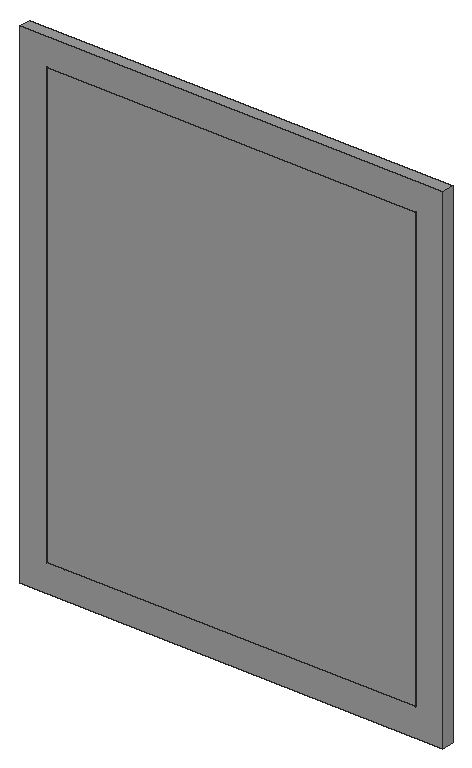
Revit family "WLV_A3-Louvre-infill-panel", category Specialty Equipment, Revit 2016
Family settings
  Part Type = Undefined
  Round Connector Dimension = Use Diameter
  Work Plane-Based = No
  Always vertical = Yes
  Cut with Voids When Loaded = No
  Shared = No
  Room Calculation Point = No
Reference planes
  plane 1 "Center (Front/Back)": y = 0
  plane 2: z = 0
  plane 3 "Center (Left/Right)": x = 0
  plane 4 "Louvre ref": y = -10
Forms (mm)
  Extrusion 1, solid, material "Aluminium"
    sketch origin (0, -10, 0) x (1, 0, 0) y (0, 0, 1)
      loop
        line (-350, 0) -> (350, 0) -> (350, 825) -> (-350, 825) -> (-350, 0)
      loop
        line (-305, 780) -> (-305, 45) -> (305, 45) -> (305, 780) -> (-305, 780)
    from 0 to -20
  Extrusion 2, solid, material "Aluminium Louvre"
    sketch origin (0, -10, 0) x (1, 0, 0) y (0, 0, 1)
      loop
        line (-305, 780) -> (-305, 45) -> (305, 45) -> (305, 780) -> (-305, 780)
    from 0 to -20
Dimensions and locks
  aligned and locked: Extrusion 1 to Extrusion 2 sketch curve
  aligned and locked: Extrusion 2 sketch curve to Extrusion 1  (x3)
